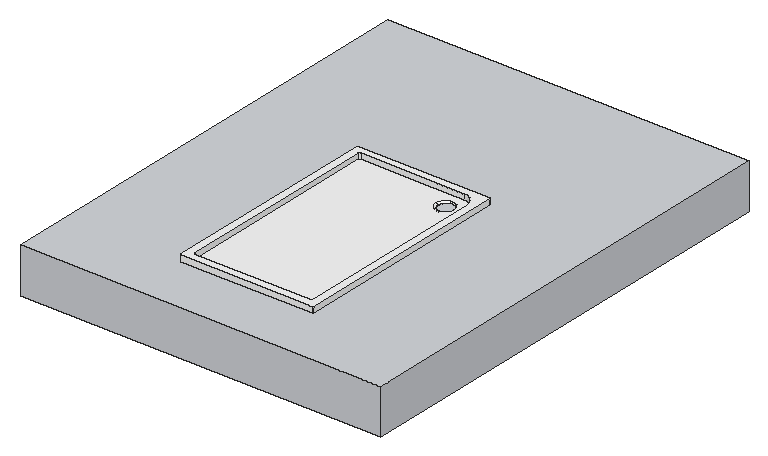
Revit family "IS_ConnectAir_E1063_BIM_DE", category Plumbing Fixtures, host Face, Revit 2014
Parameters (values of type "E106301 - Connect Air rectangular shower tray")
  WarrantyStartDate [instance] = "1900-12-31T23:59:59"
  WarrantyGuarantorParts = "idealstandard.de@idealstandard.com"
  WarrantyGuarantorLabor = "n/a"
  WarrantyDurationUnit = "year"
  WarrantyDurationParts = "n/a"
  WarrantyDurationLabor = "n/a"
  WarrantyDescription = "Manufacturers Warranty"
  VolumeUnits = "Litres"
  Version = "1"
  Uniclass2015Version = "Products v1.1"
  Uniclass2015Title = "Shower trays"
  Uniclass2015Code = "Pr_40_20_06_84"
  URL = "www.idealstandard.com"
  Type Comments = "n/a"
  TagNumber [instance] = "n/a"
  TMV3 = no
  SustainabilityPerformance = "n/a"
  SpareParts = "www.idealstandard.de/ersatzteile"
  Space = "Internal"
  Size = "1500x900x45mm"
  ShowerType = "n/a"
  ShowerHeadDescription = "n/a"
  Shape = "Rectangular"
  SerialNumber [instance] = "n/a"
  Revision = "n/a"
  ReplacementCost = "n/a"
  ProductInformation = "www.idealstandard.de/produkte"
  Phone = "+49228 5210"
  NominalWidth = 900 mm
  NominalLength = 1500 mm
  NominalHeight = 50 mm
  NettWeight = "27 kg"
  Name = "ShowerTrays_ConnectAir_E106301_IdealStandard"
  NBSTypeID = "n/a"
  NBSReference = "45-35-70/336"
  NBSOfficeMasterTag = "n/a"
  NBSNote = "n/a"
  NBSDescription = "Shower trays"
  NBSCertification = "n/a"
  ModelReference = Description  # "Connect Air rectangular shower tray"
  ModelNumber = Model  # "E106301"
  MaterialThickness = 0 mm
  Material = "Acrylic"
  ManufacturerURL = "www.idealstandard.com"
  LinearUnits = "millimeters"
  Keynote = "n/a"
  InstallationInstructions = "www.idealstandard.de/produkte"
  InstallationDate [instance] = "1900-12-31T23:59:59"
  IfcExportType = "SHOWER"
  IfcExportAs = "IfcSanitaryTerminalType"
  Help = "idealstandard.de@idealstandard.com"
  HasTray = yes
  HWFU = 0
  GrossWeight = "n/a"
  Grade = "n/a"
  Finish = "white"
  Features = "Connect Air rectangular shower tray"
  ExpectedLife = "25"
  DurationUnit = "year"
  DrainSize = 90 mm
  CurrencyUnit = "n/a"
  CreatedOn = "2016-11-09"
  Cost = 0
  Constituents = "n/a"
  ConnectionType = "Plumbing"
  Color = "White"
  CodePerformance = "DIN EN 14527, DIN EN 251, DIN EN 249"
  Category = "SanitaryTerminal_SHOWER"
  Reference = "n/a"
  Model = "E106301"
  Manufacturer = "idealstandard.de@idealstandard.com"
  Description = "Connect Air rectangular shower tray"
  Default Elevation = 0 mm
  CWFU = 0
  Brand = "Ideal Standard"
  BarCode = "5017830518730"
  BIMObjectName = "ISI_IdealStandard_ShowerTrays_ConnectAir_E106301"
  Author = "Ideal Standard GmbH"
  AssetType = "Fixed"
  AssetIdentifier [instance] = "n/a"
  Assembly Code = "C1030200"
  AreaUnits = "millimeters"
  AreaMeasurement = "n/a"
  Accessories = "www.idealstandard.de\\ersatzteile"
  AccessibilityPerformance = "n/a"
Reference planes
  plane 1 "Center (Front/Back)": y = 0
  plane 2: z = 0
  plane 3 "Center (Left/Right)": x = 0
  plane 4: x = 450
  plane 5: x = -450
  plane 6: y = -1500
  plane 7: y = -50
  plane 8: x = 400
  plane 9: y = -1450
  plane 10: x = -400
  plane 11: z = 40
  plane 12: z = 5
  plane 13: x = 280
  plane 14: y = -170
  plane 15: z = -10
Forms (mm)
  Extrusion 1, solid
    sketch origin (0, 0, 0) x (1, 0, 0) y (0, 1, 0)
      loop
        line (-1219.2, 1219.2) -> (-1219.2, -1892.959) -> (1219.2, -1892.959) -> (1219.2, 1219.2) -> (-1219.2, 1219.2)
    from 0 to -304.8
  Extrusion 2, solid, material "IS_RenderMaterial_VitreousChina"
    sketch origin (0, 0, 0) x (1, 0, 0) y (0, 1, 0)
      loop
        arc (-444, 0) -> (-448.243, -1.757) -> (-450, -6) r 6
        line (-450, -6) -> (-450, -1494)
        arc (-450, -1494) -> (-448.243, -1498.243) -> (-444, -1500) r 6
        line (-444, -1500) -> (444, -1500)
        arc (444, -1500) -> (448.243, -1498.243) -> (450, -1494) r 6
        line (450, -1494) -> (450, -6)
        arc (450, -6) -> (448.243, -1.757) -> (444, 0) r 6
        line (444, 0) -> (-444, 0)
    from 0 to 40
  Extrusion 3, void
    sketch origin (0, 0, 40) x (0, 1, 0) y (1, 0, 0)
      loop
        line (-50, -390) -> (-50, 310)
        arc (-50, 310) -> (-76.36, 373.64) -> (-140, 400) r 90
        line (-140, 400) -> (-1440, 400)
        arc (-1440, 400) -> (-1447.071, 397.071) -> (-1450, 390) r 10
        line (-1450, 390) -> (-1450, -390)
        arc (-1450, -390) -> (-1447.071, -397.071) -> (-1440, -400) r 10
        line (-1440, -400) -> (-60, -400)
        arc (-60, -400) -> (-52.929, -397.071) -> (-50, -390) r 10
    from 0 to 35
  Blend 4, solid, material "IS_RenderMaterial_VitreousChina"
    base sketch origin (0, 0, 0) x (1, 0, 0) y (0, 1, 0)
      loop
        line (-400, -50) -> (-400, -1450) -> (400, -1450) -> (400, -50) -> (-400, -50)
    top sketch origin (0, 0, 0) x (1, 0, 0) y (0, 1, 0)
      loop
        line (280, -108.027) -> (221.06, -150.849) -> (243.573, -220.137) -> (316.427, -220.137) -> (338.94, -150.849) -> (280, -108.027)
    from 0 to -10
  Revolve 5, void
    sketch origin (171.768, -170, 1219.2) x (-1, 0, 0) y (0, 0, 1)
      loop
        line (-108.232, -1229.2) -> (-63.232, -1229.2) -> (-63.232, -1224.399) -> (-46.258, -1214.2) -> (-108.232, -1214.2) -> (-108.232, -1229.2)
      axis (-108.232, -1229.2) -> (-108.232, -1214.2)
    angle from 0 to 360
  Blend 6, void
    base sketch origin (0, 0, 0) x (1, 0, 0) y (0, 1, 0)
      loop
        line (-400, -50) -> (-400, -1450) -> (400, -1450) -> (400, -50) -> (-400, -50)
    top sketch origin (0, 0, 0) x (1, 0, 0) y (0, 1, 0)
      loop
        line (280, -108.027) -> (221.06, -150.849) -> (243.573, -220.137) -> (316.427, -220.137) -> (338.94, -150.849) -> (280, -108.027)
    from 0 to -10
Cuts and joins
  Extrusion 3, Revolve 5 cuts Extrusion 2
  Revolve 5 cuts Blend 4
  joined: Extrusion 2, Blend 4
Dimensions and locks
  "NominalWidth": plane 4 to plane 5
  "NominalHeight": plane 11 to plane 15
  "NominalLength": plane 1 "Center (Front/Back)" to plane 6
  aligned and locked: plane 2 to Extrusion 1
  aligned and locked: level to Extrusion 1
  aligned and locked: plane 1 "Center (Front/Back)" to Extrusion 2 sketch curve
  aligned and locked: plane 5 to Extrusion 2 sketch curve
  aligned and locked: plane 6 to Extrusion 2 sketch curve
  aligned and locked: Extrusion 2 sketch curve to plane 4
  aligned and locked: Extrusion 2 to plane 11
  aligned and locked: Extrusion 3 to plane 12
  aligned and locked: Blend 4 sketch curve to plane 7
  aligned and locked: Blend 4 sketch curve to plane 10
  aligned and locked: Blend 4 sketch curve to plane 9
  aligned and locked: Blend 4 sketch curve to plane 8
  aligned and locked: Blend 4 to plane 15
Automatic sketch dimensions
  Extrusion 1 sketch curve to Extrusion 1 sketch curve = 2438.4 mm
  Extrusion 1 sketch curve to Extrusion 1 sketch curve = 3112.159 mm
  plane 5 to Extrusion 2 sketch curve = 6 mm
  Extrusion 2 sketch curve to Extrusion 2 sketch curve = 6 mm
  Extrusion 2 sketch curve to plane 4 = 6 mm  (x2)
  Extrusion 3 sketch curve to Extrusion 2 = 50 mm  (x3)
  Extrusion 3 sketch curve to Extrusion 3 sketch curve = 10 mm  (x2)
  Extrusion 3 sketch curve to Extrusion 2 = 140 mm
  Extrusion 3 sketch curve to Extrusion 2 = 60 mm  (x2)
  Blend 4 sketch curve to plane 13 = 0 mm
  Blend 4 sketch curve to plane 13 = 36.427 mm
  plane 14 to Blend 4 sketch curve = 19.151 mm  (x2)
  Blend 4 sketch curve to plane 13 = 58.94 mm
  plane 13 to Blend 4 sketch curve = 36.427 mm
  plane 13 to Blend 4 sketch curve = 58.94 mm
  Blend 4 sketch curve to plane 14 = 50.137 mm
  Blend 4 sketch curve to plane 7 = 58.027 mm
  Revolve 5 sketch curve to plane 13 = 0 mm  (x2)
  Revolve 5 sketch curve to plane 15 = 0 mm
  Revolve 5 sketch curve to plane 12 = 0 mm
  Revolve 5 sketch curve to plane 13 = 45 mm
  Revolve 5 sketch curve to Revolve 5 sketch curve = 16.973 mm
  Revolve 5 sketch curve to Revolve 5 sketch curve = 4.801 mm
  Revolve 5 sketch curve to Revolve 5 sketch curve = 8.729 mm
  Revolve 5 sketch curve to Revolve 5 sketch curve = 7.241 mm
  Blend 6 sketch curve to plane 9 = 0 mm
  Blend 6 sketch curve to plane 10 = 0 mm
  Blend 6 sketch curve to plane 8 = 0 mm
  Blend 6 sketch curve to plane 7 = 0 mm
  Blend 6 sketch curve to plane 13 = 0 mm
  Blend 6 sketch curve to plane 13 = 36.427 mm
  plane 14 to Blend 6 sketch curve = 19.151 mm  (x2)
  Blend 6 sketch curve to plane 13 = 58.94 mm
  plane 13 to Blend 6 sketch curve = 36.427 mm
  plane 13 to Blend 6 sketch curve = 58.94 mm
  Blend 6 sketch curve to plane 14 = 50.137 mm
  Blend 6 sketch curve to plane 7 = 58.027 mm
Connectors
  piping at (280, -170, -10), diameter 90
    settings: on cut or joined group of Extrusion 2, Extrusion 3, Blend 4, Revolve 5, index 1, connector inside diameter 24", connector length 0 mm, flow factor 0, pipe flow 0 GPM, pressure drop 0.00 psi, fitting loss kfactor 0, connector angle 0.00°, fixture units 0, engagement length 0 mm, angle of deflection 0.00°, flow configuration 2, flow direction 2, fitting loss method 0, system type 16, joint type 0, gender type 0, connector reference index -1, connector utility 0, adjustable connector no, is connector primary yes, connector description ""
